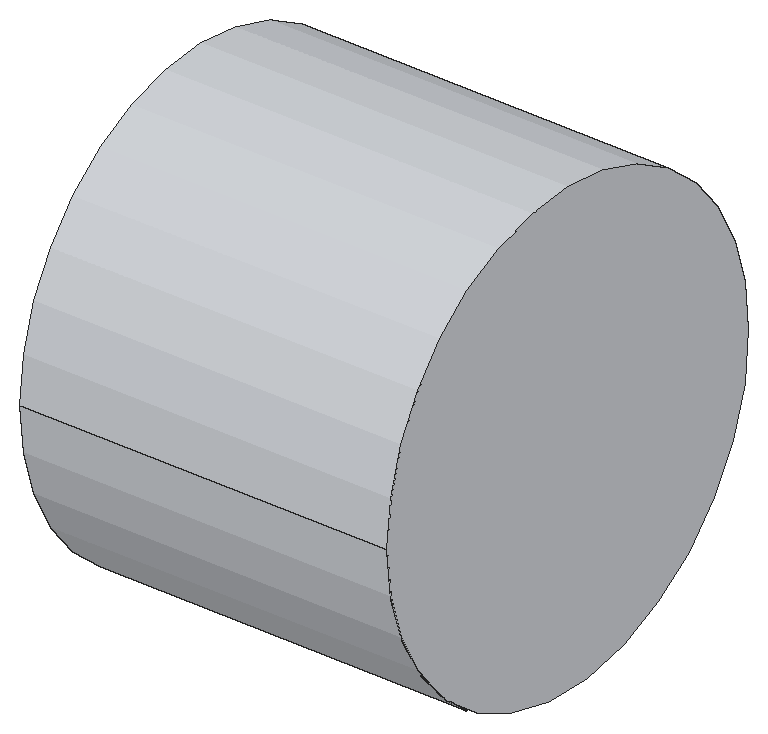
Revit family "5df402ad00b84e92b91268a830322306", category Conduit Fittings, Revit 2021
Family settings
  Round Connector Dimension = Use Radius
  Part Type = Transition
  OmniClass Number = 23.80.30.17.11
  OmniClass Title = Conduits
  Work Plane-Based = No
  Always vertical = Yes
  Cut with Voids When Loaded = No
  Shared = No
Parameters (values of type "Standard")
  Nominal Radius 2 [instance] = 1/4"
  Nominal Radius 1 [instance] = 3/8"
  Nominal Diameter 2 [instance] = Nominal Radius 2 * 2  # 1/2"
  Nominal Diameter 1 [instance] = Nominal Radius 1 * 2  # 3/4"
  Max Nominal Diameter 12 [instance] = if(Nominal Diameter 1 > Nominal Diameter 2, Nominal Diameter 1, Nominal Diameter 2)  # 3/4"
  Length [instance] = size_lookup(Conduit Size Lookup, "Lgt", 0.33 * Max Nominal Diameter 12 + 169/256", Max Nominal Diameter 12)  # 0.852"
  Fitting Outside Radius [instance] = Fitting Outside Diameter / 2  # 0.525"
  Fitting Outside Diameter [instance] = size_lookup(Conduit Size Lookup, "FOD", 1.06 * Max Nominal Diameter 12 + 37/128", Max Nominal Diameter 12)  # 1.05"
  Default Elevation = 0' - 0"
  Conduit Size Lookup = "Conduit Reducer Bushing - PVC"
Reference planes (in)
  plane 1 "Center (Front/Back)": y = 0
  plane 2: z = 0
  plane 3 "Center (Left/Right)": x = 0
  plane 4: x = 0.852
Forms (in)
  Sweep 1, solid, detail levels fine
    path in 3D
      loop
        line (0, 0, 0) -> (0.852, 0, 0)
    profile origin (0.426, 0, 0) x (0, 1, 0) y (0, 0, 1)
      loop
        circle (0, 0) r 0.525
Lines and regions (in)
  model lines, detail levels coarse+medium
    curve 1: line (0, 0, 0) -> (0.852, 0, 0)
  sketch lines
    curve 2: line (0, 0, 0) -> (0.852, 0, 0)
Dimensions and locks (in)
  "Length": plane 3 "Center (Left/Right)" to plane 4
  "Fitting Outside Radius": radius of Sweep 1 sketch curve
  aligned and locked: plane 3 "Center (Left/Right)" to curve 1
  aligned and locked: plane 4 to curve 1
  aligned and locked: plane 1 "Center (Front/Back)" to curve 1
Automatic sketch dimensions
  Sweep 1 sketch curve to profile plane = 0' - 0"  (x2)
Connectors (in)
  cabletrayconduit at (0, 0, 0), diameter 0.75, driven by "Nominal Radius 1"
    settings: on Sweep 1, index 1, connector width 1' - 0", connector height 1' - 0", connector angle 0.00°, system type 32, placement type 0, profile type 0, connector reference index 2, is primary connector yes, connector utility param no, connector description ""
  cabletrayconduit at (0.852, 0, 0), diameter 0.5, driven by "Nominal Radius 2"
    settings: on Sweep 1, index 2, connector width 1' - 0", connector height 1' - 0", connector angle 0.00°, system type 32, placement type 0, profile type 0, connector reference index 1, is primary connector no, connector utility param no, connector description ""
